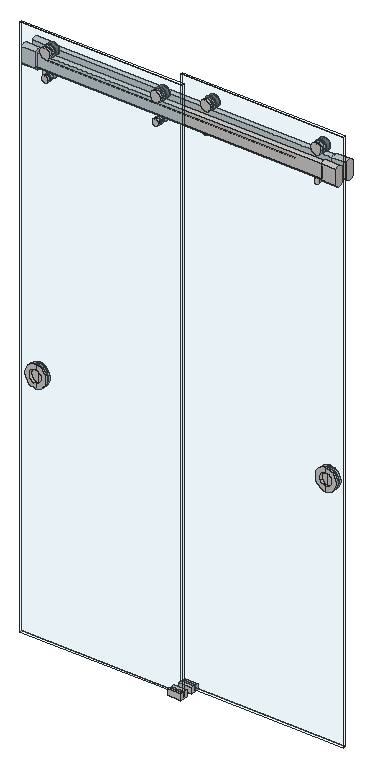
Revit family "1Doors_Sliding_Krownlab_Freya_Alcove_Bypass", category Specialty Equipment, Revit 2021
Family settings
  Round Connector Dimension = Use Diameter
  Part Type = Normal
  OmniClass Number = 23.30.10.24.17
  OmniClass Title = Other Special Purpose Doors
  Work Plane-Based = No
  Always vertical = Yes
  Cut with Voids When Loaded = No
  Shared = No
  Room Calculation Point = No
Parameters (values of type "48'' x 84''")
  Width Restrictions = if(Nom Shower Enclosure Width > 142", "Maximum Opening Width is 142 Inches.", if(Nom Shower Enclosure Width < 48", "Minimum Opening Width is 48 Inches.", "Width Accepted."))  # "Width Accepted."
  Weight = 250.00 lbf  # constant formula
  Warning Note Visibility [instance] = yes
  Version = 1
  URL = "https://krownlab.com/"
  Type Comments = ""
  Track Head Clearance = Panel Height - Nom Roller Distance from Top of Panel - 3 3/4" + 3/8"  # 77 49/128"
  Thcknss_Cntrl = if(Panel Thickness < 3/8", 3/8", if(Panel Thickness > 1/2", 1/2", Panel Thickness))  # 3/8"
  Technical descriptions = "https://krownlab.com/products/hardware-systems/freya/#freya-alcove.60."
  Sliding Door System Finish Note [instance] = "Available in : Brushed Stainless and Black Stainless. Contact Krownlab for other finishes."  # constant formula
  Shower Enclosure Width = 48"
  Show Installation Clearance [instance] = no
  Roller Distance from Top of Panel = 2 111/128"
  Roller Distance Note = if(Roller Distance from Top of Panel < 2 111/128", "Minimum 3 Inch distance between top of system and center of roller is required", "Top to Roller Center Accepted")  # "Top to Roller Center Accepted"
  Product data url = "https://bimobject.com/krownlab/product/krownlab_freya"
  Product Page URL = "https://krownlab.com/products/hardware-systems/freya/#freya-alcove.60."
  Product Documentation Link = "https://krownlab.com/media/uploads/products/downloads/freya-alcove-bypass-modern-glass-shower-door-hardware-cut-sheet.pdf"
  Nom Roller Distance from Top of Panel = if(Roller Distance from Top of Panel < 2 111/128", 2 111/128", if(Nom Shower Enclosure Height - 36" - 3" / 8 - 5 3/4" < Roller Distance from Top of Panel + 57" / 8, Nom Shower Enclosure Height - 36" - 3" / 8 - 5 3/4" - 57" / 8, Roller Distance from Top of Panel))  # 2 111/128"
  Sliding Door System Finish [instance] = Metal - Krownlab - Brushed Stainless
  Product Guid = ""
  Panel Weight Warning [instance] = and(Warning Note Visibility, or(Shower Enclosure Width > 142", Shower Enclosure Width < 48"))  # no
  Panel Thickness = 3/8"
  Panel Size Availability = if(Weight > 2 * Maximum Panel Weight, "Panel size is overweight.", if(Shower Enclosure Width > 142", "Maximum Width of 142 Inches", if(Shower Enclosure Width < 48", "Minimum Width of 48 Inches", "Available")))  # "Available"
  Outside Moving Panels [instance] = not(Inside Moving Panels)  # yes
  Opnng_Dstnc_Rt [instance] = if([Front Panel Position (% right)] < 0, 0", if([Front Panel Position (% right)] > 100, 0", if(and(or(Door Pull Option = Inger Door Pull, Door Pull Option = Kor Door Pull), or((Nom Shower Enclosure Width - Panel Width - 1/4") * 0.01 * [Front Panel Position (% right)] > Opnng_Dstnc_Lt - 1171" / 256, (Nom Shower Enclosure Width - Panel Width - 1/4") * 0.01 * [Front Panel Position (% right)] = Opnng_Dstnc_Lt - 1171" / 256)), Opnng_Dstnc_Lt - 5", (Nom Shower Enclosure Width - Panel Width - 1/4") * (0.01 * [Front Panel Position (% right)]))))  # 0"
  Opnng_Dstnc_Lt [instance] = if([Rear Panel Position (% right)] < 0, 0", if(and(or(Door Pull Option = Inger Door Pull, Door Pull Option = Kor Door Pull), (Nom Shower Enclosure Width - Panel Width - 1/4") * (0.01 * [Rear Panel Position (% right)]) < 5"), 5", if([Rear Panel Position (% right)] > 100, 0", (Nom Shower Enclosure Width - Panel Width - 1/4") * (0.01 * [Rear Panel Position (% right)]))))  # 22 7/8"
  Rear Panel Position (% right) [instance] = 100
  Nom Shower Enclosure Width = if(Shower Enclosure Width > 142", 142", if(Shower Enclosure Width < 48", 48", Shower Enclosure Width))  # 48"
  Nom Shower Enclosure Height = if(Fixed Panel Height < 36" + 3" / 8 + 10" + 6", 36" + 3" / 8 + 10" + 6", Fixed Panel Height)  # 84"
  Model = "Freya Bypassing Sliding Door Shower System"  # constant formula
  Maximum Panel Weight = 125.00 lbf  # constant formula
  Manufacturer = "Krownlab"  # constant formula
  Kor Door Pull = Door Pull : Kor
  Installation instructions = "https://krownlab.com/downloads/"
  Inside Moving Panels [instance] = no
  Inger Door Pull = Door Pull : Inger
  Glazing Material [instance] = Glass - Krownlab - Clear Glass
  Fixed Panel Height = 84"
  Nom Edge to Door Pull Center [instance] = if(Edge to Door Pull Center < 13" / 8, 13" / 8, if(Edge to Door Pull Center > 2 1/2", 2 1/2", Edge to Door Pull Center))  # 2 1/2"
  Panel Width = (Nom Shower Enclosure Width / 2) + (Nom Center Overlap / 2) - 1/8"  # 24 7/8"
  Front Panel Position (% right) [instance] = 0
  Panel Height = Nom Shower Enclosure Height - 3/8"  # 83 5/8"
  Edge to Door Pull Center [instance] = 3"
  Ebba [instance] = and(not(Door Pull Option = Inger Door Pull), not(Door Pull Option = Kor Door Pull))  # yes
  Door Pull Option [instance] = Door Pull : Ebba
  Door Pull Finish Note [instance] = "Available in : Brushed Stainless and Black Stainless. Contact Krownlab for other finishes."  # constant formula
  Door Pull Finish [instance] = Metal - Krownlab - Brushed Stainless
  Description = "The Freya sliding door shower system offers tremendous design flexibility to fit most shower plans. Configure for shower enclosures up to 142 in wide and clear openings up to 40 in wide. Choose glass up to 1/2 in thick for a solid, premium feel, or elect the more traditional 3/8 in thickness. Compatible with both tile and shower pans, Freya is available for alcove and corner configurations."  # constant formula
  Default Elevation = 0"
  Date Updated = ""
  Date Created = "2024/04/26"
  Contact Krownlab = "support@krownlab.com"
  Center Overlap Note = if(Center Overlap < 2", "Minimum 2 Inch Center Overlap is Required", if(Center Overlap > 3 1/2", "Maximum Center Overlap is 3 1/2 Inches.", "Overlap Accepted"))  # "Overlap Accepted"
  Nom Center Overlap = if(Center Overlap < 2", 2", if(Center Overlap > 3 1/2", 3 1/2", Center Overlap))  # 2"
  Nom Bottom Edge to Door Pull Center [instance] = if(Nom Shower Enclosure Height - Nom Roller Distance from Top of Panel - 21" / 8 < Bottom Edge to Door Pull Center + 18", Nom Shower Enclosure Height - Nom Roller Distance from Top of Panel - 21" / 8 - 5" - 18", if(Bottom Edge to Door Pull Center < 3" / 8 + 5" + 18", 3" / 8 + 5" + 18", Bottom Edge to Door Pull Center))  # 36"
  Center Overlap = 2"
  Bottom Edge to Door Pull Center [instance] = 36"
  Assembly Code = "C1020"
  As build = "https://krownlab.com/products/hardware-systems/freya/#freya-alcove.60."
Types (4): name | Shower Enclosure Width | Outside Moving Panels | Opnng_Dstnc_Lt | Nom Shower Enclosure Width | Inside Moving Panels | Panel Width
  (no name) | 48" | yes | 22 7/8" | 48" | no | 24 7/8"
  71'' x 84'' | 71" | no | 34 3/8" | 71" | yes | 36 3/8"
  94'' x 84'' | 94" | no | 45 7/8" | 94" | yes | 47 7/8"
  48'' x 84'' | 48" | yes | 22 7/8" | 48" | no | 24 7/8"
Reference planes (in)
  plane 1 "Center (Front/Back)": y = 0.6875
  plane 2: z = 0
  plane 3 "Center (Left/Right)": x = 0
  plane 4: z = 0.375
  plane 5 "Left": x = -23.875
  plane 6 "Right": x = 23.875
  plane 7: z = 79.20914
  plane 8: z = 84
  plane 9 "L": x = -24
  plane 10 "R": x = 24
  plane 11: x = -21.781
  plane 12: x = 21.781
  plane 13: y = 0.6875
  plane 14: z = 77.23363
  plane 15: z = 78.06724
  plane 16 "Arr0w": x = 1.75
  plane 17 "Arroww": z = 42
  plane 18: z = 81.13281
  plane 19: y = 2.75
  plane 20: x = -1
  plane 21: x = -1.75
  plane 22: x = -23.875
  plane 23: z = 36.375
  plane 24: x = -21.375
  plane 25: x = 21.375
  plane 26: x = 23.875
  plane 27: y = 0.3125
Forms (in)
  Sweep 1, solid, material "Metal - Krownlab - Brushed Stainless" <- "Sliding Door System Finish", detail levels fine
    path origin (0, 0.6875, 0) x (1, 0, 0) y (0, 0, 1)
      loop
        line (-21.781, 79.20914) -> (21.781, 79.20914)
    profile origin (0, 0.6875, 79.20914) x (0, 0, 1) y (0, -1, 0)
      loop
        line (-0.99829, -0.40625) -> (1.01196, -0.40625)
        arc (1.01196, -0.40625) -> (1.21778, 0) -> (1.01196, 0.40625) r 0.50385
        line (1.01196, 0.40625) -> (-0.99829, 0.40625)
        arc (-0.99829, 0.40625) -> (-1.20411, 0) -> (-0.99829, -0.40625) r 0.50385
      loop
        arc (1.01196, -2.46875) -> (1.21774, -2.0625) -> (1.01196, -1.65625) r 0.50391
        line (1.01196, -1.65625) -> (-1.00025, -1.65625)
        arc (-1.00025, -1.65625) -> (-1.20602, -2.0625) -> (-1.00025, -2.46875) r 0.50391
        line (-1.00025, -2.46875) -> (1.01196, -2.46875)
  Extrusion 2, solid, material "Metal - Krownlab - Brushed Stainless" <- "Sliding Door System Finish", detail levels fine
    sketch origin (0, 0, 0) x (0, 1, 0) y (0, 0, 1)
      loop
        arc (1.24, 80.34308) -> (0.6875, 80.61171) -> (0.135, 80.34308) r 0.7025
        line (0.135, 80.34308) -> (0.135, 78.05829)
        arc (0.135, 78.05829) -> (0.6875, 77.78967) -> (1.24, 78.05829) r 0.7025
        line (1.24, 78.05829) -> (1.24, 80.34308)
      loop
        arc (2.1975, 78.05829) -> (2.75, 77.79005) -> (3.3025, 78.05829) r 0.70313
        line (3.3025, 78.05829) -> (3.3025, 80.30829)
        arc (3.3025, 80.30829) -> (2.75, 80.57653) -> (2.1975, 80.30829) r 0.70313
        line (2.1975, 80.30829) -> (2.1975, 78.05829)
    from -24 to -21.781
  Extrusion 3, solid, material "Metal - Krownlab - Brushed Stainless" <- "Sliding Door System Finish", detail levels fine
    sketch origin (0, 0, 3.5) x (0, 1, 0) y (0, 0, 1)
      loop
        arc (1.24, 76.84308) -> (0.6875, 77.11171) -> (0.135, 76.84308) r 0.7025
        line (0.135, 76.84308) -> (0.135, 74.55829)
        arc (0.135, 74.55829) -> (0.6875, 74.28967) -> (1.24, 74.55829) r 0.7025
        line (1.24, 74.55829) -> (1.24, 76.84308)
      loop
        arc (3.3025, 76.80829) -> (2.75, 77.07653) -> (2.1975, 76.80829) r 0.70313
        line (2.1975, 76.80829) -> (2.1975, 74.55829)
        arc (2.1975, 74.55829) -> (2.75, 74.29005) -> (3.3025, 74.55829) r 0.70313
        line (3.3025, 74.55829) -> (3.3025, 76.80829)
    from 21.781 to 24
  Sweep 4, solid, material "Metal - Krownlab - Brushed Stainless" <- "Sliding Door System Finish", detail levels coarse
    path origin (0, 0.6875, 0) x (1, 0, 0) y (0, 0, 1)
      loop
        line (-24, 79.23177) -> (24, 79.23177)
    profile origin (0, 0.6875, 79.23177) x (0, 0, 1) y (0, -1, 0)
      loop
        line (1.08854, 0.5525) -> (-1.11335, 0.5525) -> (-1.11335, -0.5525) -> (1.08854, -0.5525) -> (1.08854, 0.5525)
      loop
        line (1.08854, -1.51) -> (-1.11335, -1.51) -> (-1.11335, -2.615) -> (1.08854, -2.615) -> (1.08854, -1.51)
  Extrusion 5, solid, material "Metal - Krownlab - Brushed Stainless" <- "Sliding Door System Finish", detail levels fine
    sketch origin (0, 0, 0) x (1, 0, 0) y (0, 1, 0)
      loop
        circle (-20.72811, 0.6875) r 0.35337
      loop
        circle (-20.72811, 2.75) r 0.35337
    from 77.23363 to 78.06724
  Extrusion 6, solid, material "Metal - Krownlab - Brushed Stainless" <- "Sliding Door System Finish", detail levels fine
    sketch origin (0, 0, 0) x (-1, 0, 0) y (0, -1, 0)
      loop
        circle (-20.72811, -0.6875) r 0.35337
      loop
        circle (-20.72811, -2.75) r 0.35337
    from 77.23363 to 78.06724
  Extrusion 7, solid, material "Clearance Warning - Generic - Warning Red", visible <- "Show Installation Clearance"
    sketch origin (-57.30548, 28.32359, 0) x (1, 0, 0) y (0, 0, 1)
      loop
        line (81.30548, 84.0003) -> (33.30548, 84.0003) -> (33.30548, 0) -> (81.30548, 0) -> (81.30548, 84.0003)
    from 20.97467 to 31.60063
  Sweep 8, solid, material "Metal - Krownlab - Brushed Stainless" <- "Sliding Door System Finish", detail levels medium
    path origin (0, 0.6875, 0) x (1, 0, 0) y (0, 0, 1)
      loop
        line (24, 79.20914) -> (-24, 79.20914)
    profile origin (0, 0.6875, 79.20914) x (0, 0, -1) y (0, -1, 0)
      loop
        line (-1.01196, -2.46875) -> (1.00025, -2.46875)
        arc (1.00025, -2.46875) -> (1.20602, -2.0625) -> (1.00025, -1.65625) r 0.50391
        line (1.00025, -1.65625) -> (-1.01196, -1.65625)
        arc (-1.01196, -1.65625) -> (-1.21774, -2.0625) -> (-1.01196, -2.46875) r 0.50391
      loop
        line (-1.01196, -0.40625) -> (0.99829, -0.40625)
        arc (0.99829, -0.40625) -> (1.20411, 0) -> (0.99829, 0.40625) r 0.50385
        line (0.99829, 0.40625) -> (-1.01196, 0.40625)
        arc (-1.01196, 0.40625) -> (-1.21778, 0) -> (-1.01196, -0.40625) r 0.50385
Cuts and joins
  joined: Sweep 1, Extrusion 5, Extrusion 6
Lines and regions (in)
  symbolic lines, style "SpecialityEquipmentHiddenLines"
    curve 1: line (24, 1.24, 0) -> (-24, 1.24, 0)
    curve 2: line (-24, 0.135, 0) -> (24, 0.135, 0)
    curve 3: line (-24, 0.135, 0) -> (-24, 1.24, 0)
    curve 4: line (24, 0.135, 0) -> (24, 1.24, 0)
    curve 5: line (24, 2.1975, 0) -> (24, 3.3025, 0)
    curve 6: line (-24, 2.1975, 0) -> (24, 2.1975, 0)
    curve 7: line (24, 3.3025, 0) -> (-24, 3.3025, 0)
    curve 8: line (-24, 2.1975, 0) -> (-24, 3.3025, 0)
  symbolic lines, style "Clearance", visible <- "Show Installation Clearance"
    curve 9: line (-24, 7.34892, 0) -> (-24, -3.27703, 0)
    curve 10: line (-24, -3.27703, 0) -> (24, -3.27703, 0)
    curve 11: line (24, -3.27703, 0) -> (24, 7.34892, 0)
    curve 12: line (24, 7.34892, 0) -> (-24, 7.34892, 0)
Dimensions and locks (in)
  plane 4 to plane 2 = 3/8"
  "Nom Shower Enclosure Height": plane 8 to plane 2
  equal spacing: plane 6 "Right", plane 3 "Center (Left/Right)", plane 5 "Left"
  "Nom Shower Enclosure Width": plane 10 "R" to plane 9 "L"
  plane 11 to plane 5 "Left" to plane 9 "L" = 2.094" locked, 1/8" locked
  plane 10 "R" to plane 6 "Right" to plane 12 = 1/8" locked, 2.094" locked
  plane 13 to plane 1 "Center (Front/Back)" = 0"
  Sweep 4 sketch curve to plane 13 to Sweep 4 sketch curve = 0.5525" locked, 0.5525" locked
  Sweep 4 sketch curve to plane 7 to Sweep 4 sketch curve = 1.09072" locked, 1.11117" locked  (x2)
  Extrusion 2 sketch curve to plane 13 to Extrusion 2 sketch curve = 0.5525" locked, 0.5525" locked
  Extrusion 3 sketch curve to plane 13 to Extrusion 3 sketch curve = 0.5525" locked, 0.5525" locked
  Sweep 1 sketch curve to plane 13 to Sweep 1 sketch curve = 13/32" locked, 13/32" locked
  plane 7 to plane 15 to plane 14 = 1.1419" locked, 0.83362" locked
  locked: plane 1 "Center (Front/Back)" to Extrusion 6 sketch curve
  locked: plane 5 "Left" to Extrusion 5 sketch curve at 3.14689
  locked: plane 1 "Center (Front/Back)" to Extrusion 5 sketch curve
  locked: Extrusion 6 sketch curve to plane 6 "Right" at 3.14689
  equal spacing: plane 8, plane 17 "Arroww", plane 2
  locked: plane 18 to plane 7 at 1.92367
  "Nom Roller Distance from Top of Panel": plane 8 to plane 18
  Extrusion 2 sketch curve to Extrusion 2 sketch curve to Extrusion 2 sketch curve to plane 7 to Extrusion 2 sketch curve to Extrusion 2 sketch curve to Extrusion 2 sketch curve = 0.26824" locked, 0" locked, 1.15085" locked, 1.09915" locked, 0" locked, 0.26824" locked
  plane 19 to plane 13 = 2 1/16"
  Sweep 1 sketch curve to plane 19 to Sweep 1 sketch curve = 13/32" locked, 13/32" locked
  Sweep 1 sketch curve to Sweep 1 sketch curve to Sweep 1 sketch curve to plane 7 to Sweep 1 sketch curve to Sweep 1 sketch curve to Sweep 1 sketch curve = 0.20577" locked, 0" locked, 1.00025" locked, 1.01196" locked, 0" locked, 0.20577" locked
  "Opnng_Dstnc_Lt": plane 20 to plane 5 "Left"
  Sweep 4 sketch curve to plane 19 to Sweep 4 sketch curve = 0.5525" locked, 0.5525" locked
  Extrusion 3 sketch curve to plane 19 to Extrusion 3 sketch curve = 0.5525" locked, 0.5525" locked
  Extrusion 3 sketch curve to Extrusion 3 sketch curve to Extrusion 3 sketch curve to plane 7 to Extrusion 3 sketch curve to Extrusion 3 sketch curve to Extrusion 3 sketch curve = 0.26824" locked, 0" locked, 1.15085" locked, 1.09915" locked, 0" locked, 0.26824" locked
  Extrusion 2 sketch curve to plane 19 to Extrusion 2 sketch curve = 0.5525" locked, 0.5525" locked
  equal spacing: plane 21, plane 3 "Center (Left/Right)", plane 16 "Arr0w"
  locked: plane 21 to plane 16 "Arr0w" at 3.5
  locked: plane 1 "Center (Front/Back)" to Extrusion 5 sketch curve at 2.0625
  locked: plane 9 "L" to Extrusion 5 sketch curve at 3.27189
  locked: plane 1 "Center (Front/Back)" to Extrusion 6 sketch curve at 2.0625
  Extrusion 6 sketch curve to plane 10 "R" = 3.27189"
  locked: Extrusion 6 sketch curve to plane 10 "R" at 3.27189
  locked: plane 17 "Arroww" to nested 10 at 3
  equal spacing: nested 3, plane 3 "Center (Left/Right)", nested 10
  locked: nested 3 to nested 10 at 3.5
  "Opnng_Dstnc_Rt": plane 22 to plane 5 "Left"
  "Nom Edge to Door Pull Center": plane 26 to plane 25
  "Nom Edge to Door Pull Center": plane 24 to plane 22
  "Panel Width": plane 26 to plane 20
  "Nom Bottom Edge to Door Pull Center": plane 23 to plane 4
  locked: plane 27 to Extrusion 7 at 3.58953
  "Thcknss_Cntrl": plane 13 to plane 27
  locked: Extrusion 7 to plane 13 at 6.66142
  locked: Extrusion 7 to plane 8 at 0.0003
  aligned and locked: plane 2 to level
  aligned and locked: plane 4 to nested 1
  aligned and locked: plane 7 to Sweep 1 sketch curve
  aligned and locked: Extrusion 2 to plane 9 "L"
  aligned and locked: plane 11 to Extrusion 2
  aligned and locked: plane 11 to Sweep 1 sketch curve
  aligned and locked: plane 12 to Sweep 1 sketch curve
  aligned and locked: Extrusion 3 to plane 10 "R"
  aligned and locked: Extrusion 3 to plane 12
  aligned and locked: plane 9 "L" to Sweep 4 sketch curve
  aligned and locked: plane 10 "R" to Sweep 4 sketch curve
  aligned and locked: plane 14 to Extrusion 5
  aligned and locked: Extrusion 5 to plane 15
  aligned and locked: plane 14 to Extrusion 6
  aligned and locked: Extrusion 6 to plane 15
  aligned and locked: plane 16 "Arr0w" to nested 2
  aligned and locked: plane 16 "Arr0w" to nested 3
  aligned and locked: plane 17 "Arroww" to nested 3
  aligned and locked: nested 1 to plane 13
  aligned and locked: nested 4 to nested 1
  aligned and locked: level to nested 4
  aligned and locked: plane 3 "Center (Left/Right)" to nested 4
  aligned and locked: nested 5 to plane 19
  aligned and locked: nested 5 to plane 4
  aligned and locked: level to nested 6
  aligned and locked: nested 6 to nested 5
  aligned and locked: nested 6 to level
  aligned and locked: plane 3 "Center (Left/Right)" to nested 6
  aligned and locked: nested 5 to plane 20
  aligned and locked: level to nested 7
  aligned and locked: level to nested 8
  aligned and locked: nested 8 to level  (x2)
  aligned and locked: nested 7 to level
  aligned and locked: nested 5 to nested 8
  aligned and locked: nested 7 to nested 1  (x2)
  aligned and locked: plane 3 "Center (Left/Right)" to nested 7
  aligned and locked: plane 3 "Center (Left/Right)" to nested 8
  aligned and locked: nested 9 to plane 21
  aligned and locked: curve 1 to Sweep 4
  aligned and locked: curve 2 to Sweep 4
  aligned and locked: curve 3 to Extrusion 2
  aligned and locked: curve 4 to Extrusion 3
  aligned and locked: Extrusion 3 to curve 5
  aligned and locked: curve 6 to Sweep 4
  aligned and locked: curve 7 to Sweep 4
  aligned and locked: curve 8 to Extrusion 2
  aligned and locked: nested 1 to plane 22
  aligned and locked: plane 3 "Center (Left/Right)" to nested 15
  aligned and locked: nested 14 to plane 25
  aligned and locked: nested 11 to plane 25
  aligned and locked: nested 13 to plane 24
  aligned and locked: nested 12 to plane 24
  aligned and locked: plane 23 to nested 14
  aligned and locked: plane 23 to nested 11
  aligned and locked: plane 23 to nested 13
  aligned and locked: plane 23 to nested 12
  aligned and locked: nested 8 to nested 5
  aligned and locked: Extrusion 7 to curve 9
  aligned and locked: curve 10 to Extrusion 7
  aligned and locked: curve 11 to Extrusion 7
  aligned and locked: curve 12 to Extrusion 7
  aligned and locked: Extrusion 7 to plane 9 "L"
  aligned and locked: curve 9 to plane 9 "L"
  aligned and locked: Extrusion 7 to plane 10 "R"
  aligned and locked: curve 11 to plane 10 "R"
  aligned and locked: Extrusion 7 to level
  aligned and locked: Sweep 8 sketch curve to plane 7
  aligned and locked: plane 10 "R" to Sweep 8 sketch curve
  aligned and locked: plane 9 "L" to Sweep 8 sketch curve
  aligned and locked: Sweep 8 sketch curve to cut or joined group of Sweep 1, Extrusion 5, Extrusion 6  (x8)
Automatic sketch dimensions
  Sweep 4 sketch curve to plane 7 = 0.02263"
  profile plane to Sweep 1 sketch curve = 0.99829"
  Sweep 1 sketch curve to Sweep 1 sketch curve = 0.29803"  (x2)
  Sweep 1 sketch curve to profile plane = 0.71393"
  Sweep 1 sketch curve to plane 1 "Center (Front/Back)" = 0"  (x2)
  Extrusion 2 sketch curve to plane 1 "Center (Front/Back)" = 0"  (x2)
  plane 15 to Extrusion 2 sketch curve = 0.00895"
  Extrusion 2 sketch curve to plane 15 = 0.42492"
  Extrusion 2 sketch curve to plane 7 = 0.70007"
  Extrusion 2 sketch curve to Extrusion 2 sketch curve = 0.43388"
  Extrusion 3 sketch curve to plane 1 "Center (Front/Back)" = 0"  (x2)
  plane 15 to Extrusion 3 sketch curve = 0.00895"
  Extrusion 3 sketch curve to plane 15 = 0.42492"
  Extrusion 3 sketch curve to plane 7 = 0.70007"
  Extrusion 3 sketch curve to Extrusion 3 sketch curve = 0.43388"
  curve 2 to plane 9 "L" = 0"
  curve 2 to plane 10 "R" = 0"
  curve 6 to plane 9 "L" = 0"
  curve 7 to plane 10 "R" = 0"
  plane 19 to curve 9 = 6.02703"
  curve 10 to curve 11 = 10.62596"
  Extrusion 7 sketch curve to level = 0"
  Extrusion 7 sketch curve to plane 11 = 2.219"
  Extrusion 7 sketch curve to plane 8 = 0.0003"
  plane 22 to Extrusion 7 sketch curve = 47 7/8"
  radius of Extrusion 5 sketch curve = 0.35337"  (x2)
  radius of Extrusion 6 sketch curve = 0.35337"  (x2)
Nested families (in)
  nested 1: "Krownlab Freya Moving Panel" at (-11.4375, 1.41115, 0.375), Panel Width <- "Panel Width", Panel Thickness <- "Thcknss_Cntrl", Guide Hardware <- "Sliding Door System Finish", Handpull <- "Door Pull Finish", Mount System Finish <- "Sliding Door System Finish", Panel Material <- "Glazing Material", Door Pull from Edge <- "Nom Edge to Door Pull Center", Door Pull from Bottom <- "Nom Bottom Edge to Door Pull Center", Inside Moving Panel <- "Inside Moving Panels", Door Pull Finish <- "Door Pull Finish", Ebba <- "Ebba", Double Sided <- "Ebba", type "Freya Panel"
    with Trolley Distance from Edge 4", Panel Width 24 7/8", Panel Thickness 3/8", Panel Material Glass - Krownlab - Clear Glass, Outside Moving Panel yes, Mount System Finish Metal - Krownlab - Brushed Stainless, Inside Moving Panel no, Handpull Metal - Krownlab - Brushed Stainless, Guide Hardware Metal - Krownlab - Brushed Stainless, Ebba Outside yes, Ebba Inside no, Ebba Double Sided Outside yes, Ebba Double Sided Inside no, Ebba yes, Double Sided yes, Door Pull from Edge 2 1/2", Door Pull from Bottom 36", Door Pull Finish Metal - Krownlab - Brushed Stainless
  nested 2: "Opening Direction Detail" at (1.75, -5.66667, 0) x (-1, 0, 0) z (0, 0, 1), type "Opening Direction Detail"
  nested 3: "Opening Direction Detail" at (1.75, 0.6875, 42) x (-1, 0, 0) z (0, -1, 0), type "Opening Direction Detail"
  nested 4: "Krownlab Bottom Guides" at (-1.00044, 1.7062, 0), Guide Hardware <- "Sliding Door System Finish", visible <- "Inside Moving Panels", Thickness <- "Thcknss_Cntrl", type "Freya Panel"
    with built-in parameter 1001302 3/8", Guide Hardware Metal - Krownlab - Brushed Stainless
  nested 5: "Krownlab Freya Moving Panel" at (11.4375, 3.47365, 0.375) x (-1, 0, 0) z (0, 0, 1), Panel Width <- "Panel Width", Panel Thickness <- "Thcknss_Cntrl", Guide Hardware <- "Sliding Door System Finish", Handpull <- "Door Pull Finish", Mount System Finish <- "Sliding Door System Finish", Panel Material <- "Glazing Material", Door Pull from Edge <- "Nom Edge to Door Pull Center", Door Pull from Bottom <- "Nom Bottom Edge to Door Pull Center", Inside Moving Panel <- "Inside Moving Panels", Door Pull Finish <- "Door Pull Finish", Ebba <- "Ebba", Double Sided <- "Ebba", type "Freya Panel"
    with Trolley Distance from Edge 4", Panel Width 24 7/8", Panel Thickness 3/8", Panel Material Glass - Krownlab - Clear Glass, Outside Moving Panel yes, Mount System Finish Metal - Krownlab - Brushed Stainless, Inside Moving Panel no, Handpull Metal - Krownlab - Brushed Stainless, Guide Hardware Metal - Krownlab - Brushed Stainless, Ebba Outside yes, Ebba Inside no, Ebba Double Sided Outside yes, Ebba Double Sided Inside no, Ebba yes, Double Sided yes, Door Pull from Edge 2 1/2", Door Pull from Bottom 36", Door Pull Finish Metal - Krownlab - Brushed Stainless
  nested 6: "Krownlab Bottom Guides" at (-1.00044, 3.7687, 0), Guide Hardware <- "Sliding Door System Finish", visible <- "Inside Moving Panels", Thickness <- "Thcknss_Cntrl", type "Freya Panel"
    with built-in parameter 1001302 3/8", Guide Hardware Metal - Krownlab - Brushed Stainless
  nested 7: "Krownlab Bottom Guides" at (-1.00044, 0.0438, 0), Guide Hardware <- "Sliding Door System Finish", visible <- "Outside Moving Panels", Thickness <- "Thcknss_Cntrl", type "Freya Panel"
    with built-in parameter 1001302 3/8", Guide Hardware Metal - Krownlab - Brushed Stainless
  nested 8: "Krownlab Bottom Guides" at (-1.00044, 2.1063, 0), Guide Hardware <- "Sliding Door System Finish", visible <- "Outside Moving Panels", Thickness <- "Thcknss_Cntrl", type "Freya Panel"
    with built-in parameter 1001302 3/8", Guide Hardware Metal - Krownlab - Brushed Stainless
  nested 9: "Opening Direction Detail" at (-1.75, -3.16667, 0), type "Opening Direction Detail"
  nested 10: "Opening Direction Detail" at (-1.75, 0.6875, 39) x (1, 0, 0) z (0, -1, 0), type "Opening Direction Detail"
  nested 11: "Door Pull" at (21.375, 3.3937, 36.375) x (-1, 0, 0) z (0, -1, 0), visible <- "Inside Moving Panels", type <- "Door Pull Option", Panel Thickness <- "Thcknss_Cntrl", Material <- "Door Pull Finish", type "Ebba"
    with Single Sided no, Panel Thickness 3/8", Material Metal - Krownlab - Brushed Stainless, Kor Double no, Inger Void 0", Ebba Void 3/8", Double sided yes, Asta Void 0"
  nested 12: "Door Pull" at (-21.375, 1.3312, 36.375) x (-1, 0, 0) z (0, -1, 0), visible <- "Inside Moving Panels", type <- "Door Pull Option", Panel Thickness <- "Thcknss_Cntrl", Material <- "Door Pull Finish", type "Ebba"
    with Single Sided no, Panel Thickness 3/8", Material Metal - Krownlab - Brushed Stainless, Kor Double no, Inger Void 0", Ebba Void 3/8", Double sided yes, Asta Void 0"
  nested 13: "Door Pull" at (-21.375, -0.3312, 36.375) x (-1, 0, 0) z (0, -1, 0), type <- "Door Pull Option", visible <- "Outside Moving Panels", Panel Thickness <- "Thcknss_Cntrl", Material <- "Door Pull Finish", type "Ebba"
    with Single Sided no, Panel Thickness 3/8", Material Metal - Krownlab - Brushed Stainless, Kor Double no, Inger Void 0", Ebba Void 3/8", Double sided yes, Asta Void 0"
  nested 14: "Door Pull" at (21.375, 1.7313, 36.375) x (-1, 0, 0) z (0, -1, 0), type <- "Door Pull Option", visible <- "Outside Moving Panels", Panel Thickness <- "Thcknss_Cntrl", Material <- "Door Pull Finish", type "Ebba"
    with Single Sided no, Panel Thickness 3/8", Material Metal - Krownlab - Brushed Stainless, Kor Double no, Inger Void 0", Ebba Void 3/8", Double sided yes, Asta Void 0"
  nested 15: "Krownlab Warning 3" at (0, 13.47782, 0), visible <- "Panel Weight Warning", type "Krownlab Warning 3"
Definition of nested family "Krownlab Freya Moving Panel"
  Parameters (values of type "Freya Panel")
    Trolley Distance from Edge [instance] = 4"
    Top to Roller Center = 2 111/128"
    Panel Width [instance] = 35"
    Panel Thickness [instance] = 3"
    Panel Material [instance] = none
    Panel Height = 83 5/8"
    Outside Moving Panel [instance] = not(Inside Moving Panel)  # no
    Mount System Finish [instance] = none
    Inside Moving Panel [instance] = yes
    Handpull [instance] = none
    Guide Hardware [instance] = none
    Ebba Inside [instance] = and(Ebba, Inside Moving Panel)  # yes
    Ebba Double Sided Outside [instance] = and(Ebba Outside, Double Sided)  # no
    Ebba Outside [instance] = and(Ebba, Outside Moving Panel)  # no
    Ebba Double Sided Inside [instance] = and(Ebba Inside, Double Sided)  # yes
    Ebba [instance] = yes
    Double Sided [instance] = yes
    Door Pull from Edge [instance] = 2 1/2"
    Door Pull from Bottom [instance] = 42"
    Door Pull Finish [instance] = none
    Default Elevation = 0"
  Reference planes (in)
    plane 1 "Center (Front/Back)": y = -0.07995
    plane 2: z = 0
    plane 3 "Center (Left/Right)": x = 0
    plane 4: z = 83.625
    plane 5: x = 17.5
    plane 6: x = -17.5
    plane 7: y = -0.07995
    plane 8: y = 2.92005
    plane 9: z = 0
    plane 10: x = -13.5
    plane 11: x = 13.5
    plane 12 "Track centerline": z = 78.16772
    plane 13: z = 80.75781
    plane 14: z = 77.25781
    plane 15 "Handle Distance": x = -15
    plane 16 "Handle Height": z = 42
    plane 17: z = 82.2469
    plane 18: y = -4.36735
    plane 19: y = -0.72365
    plane 20: y = -1.36735
  Forms (in)
    Extrusion 1, solid, material <- "Panel Material", visible <- "Inside Moving Panel"
      sketch origin (0, -0.07995, 0) x (1, 0, 0) y (0, 1, 0)
        loop
          line (-17.5, 0) -> (17.5, 0) -> (17.5, 3) -> (-17.5, 3) -> (-17.5, 0)
      from 0 to 83.625
    Extrusion 2, solid, material <- "Panel Material", visible <- "Outside Moving Panel"
      sketch origin (0, 0.07031, 0) x (1, 0, 0) y (0, 1, 0)
        loop
          line (-17.5, -4.43766) -> (17.5, -4.43766) -> (17.5, -1.43766) -> (-17.5, -1.43766) -> (-17.5, -4.43766)
      from 0 to 83.625
    Revolve 3, solid, material <- "Door Pull Finish", visible <- "Ebba Outside"
      sketch origin (-15, -180.31266, 49.55993) x (0, 0, 1) y (0, -1, 0)
        loop
          line (-9.18493, -175.94531) -> (-8.62243, -175.94531) -> (-8.62243, -176.13281) -> (-7.55993, -176.13281) -> (-7.55993, -176.10156) -> (-8.49743, -176.10156) -> (-8.49743, -175.75781) -> (-9.18493, -175.75781) -> (-9.18493, -175.94531)
        axis (-7.55993, -175.75781) -> (-7.55993, -176.13281)
      angle from 0 to 360
    Revolve 4, void
      sketch origin (-15, -192.3125, 49.55993) x (0, 0, 1) y (0, -1, 0)
        loop
          line (-8.62243, -188.13265) -> (-7.55993, -188.13265) -> (-7.55993, -187.75765) -> (-8.62243, -187.75765) -> (-8.62243, -188.13265)
        loop
          line (-7.55993, -195.42005) -> (-7.55993, -195.04505) -> (-8.62243, -195.04505) -> (-8.62243, -195.42005) -> (-7.55993, -195.42005)
        axis (-7.55993, -195.42005) -> (-7.55993, -187.75765)
      angle from 0 to 360
    Revolve 5, void
      sketch origin (-15, -180, 49.55993) x (0, 0, 1) y (0, -1, 0)
        loop
          line (-8.62243, -178.44515) -> (-8.62243, -178.82015) -> (-7.55993, -178.82015) -> (-7.55993, -178.44515) -> (-8.62243, -178.44515)
        loop
          line (-8.62243, -180.10755) -> (-7.55993, -180.10755) -> (-7.55993, -179.73255) -> (-8.62243, -179.73255) -> (-8.62243, -180.10755)
        axis (-7.55993, -180.10755) -> (-7.55993, -178.44515)
      angle from 0 to 360
    Revolve 6, solid, material <- "Door Pull Finish", visible <- "Ebba Double Sided Outside"
      sketch origin (-15, -167.81266, 49.55993) x (0, 0, 1) y (0, -1, 0)
        loop
          line (-9.18493, -166.44531) -> (-9.18493, -166.63281) -> (-8.49743, -166.63281) -> (-8.49743, -166.28906) -> (-7.55993, -166.28906) -> (-7.55993, -166.25781) -> (-8.62243, -166.25781) -> (-8.62243, -166.44531) -> (-9.18493, -166.44531)
        axis (-7.55993, -166.25781) -> (-7.55993, -166.63281)
      angle from 0 to 360
    Revolve 7, solid, material <- "Door Pull Finish", visible <- "Ebba Inside"
      sketch origin (-15, -180, 49.55993) x (0, 0, 1) y (0, -1, 0)
        loop
          line (-9.18493, -182.92005) -> (-9.18493, -183.10755) -> (-8.49743, -183.10755) -> (-8.49743, -182.7638) -> (-7.55993, -182.7638) -> (-7.55993, -182.73255) -> (-8.62243, -182.73255) -> (-8.62243, -182.92005) -> (-9.18493, -182.92005)
        axis (-7.55993, -182.73255) -> (-7.55993, -183.10755)
      angle from 0 to 360
    Revolve 8, solid, material <- "Door Pull Finish", visible <- "Ebba Double Sided Inside"
      sketch origin (-15, -180, 49.55993) x (0, 0, 1) y (0, -1, 0)
        loop
          line (-9.18493, -179.92005) -> (-8.62243, -179.92005) -> (-8.62243, -180.10755) -> (-7.55993, -180.10755) -> (-7.55993, -180.0763) -> (-8.49743, -180.0763) -> (-8.49743, -179.73255) -> (-9.18493, -179.73255) -> (-9.18493, -179.92005)
        axis (-7.55993, -179.73255) -> (-7.55993, -180.10755)
      angle from 0 to 360
  Cuts and joins
    Revolve 4, Revolve 5 cuts Extrusion 1
    Revolve 4, Revolve 5 cuts Extrusion 2
  Lines and regions (in)
    Masking region 1, visible <- "Outside Moving Panel"
      outline origin (0, 0, 0) x (1, 0, 0) y (0, 1, 0)
        loop
          line (-17.5, -4.36735) -> (17.5, -4.36735) -> (17.5, -1.36735) -> (-17.5, -1.36735) -> (-17.5, -4.36735)
    Masking region 2, visible <- "Inside Moving Panel"
      outline origin (0, 0, 0) x (1, 0, 0) y (0, 1, 0)
        loop
          line (-17.5, -0.07995) -> (17.5, -0.07995) -> (17.5, 2.92005) -> (-17.5, 2.92005) -> (-17.5, -0.07995)
  Dimensions and locks (in)
    "Panel Thickness": plane 8 to plane 7
    "Panel Width": plane 6 to plane 5
    "Trolley Distance from Edge": plane 6 to plane 10
    "Trolley Distance from Edge": plane 5 to plane 11
    plane 13 to plane 12 "Track centerline" to plane 14 = 2.59009" locked, 0.90991" locked
    "Door Pull from Bottom": plane 16 "Handle Height" to plane 9
    "Door Pull from Edge": plane 15 "Handle Distance" to plane 6
    "Panel Height": plane 4 to level
    locked: plane 17 to plane 13 at 1.48909
    equal spacing: plane 6, plane 3 "Center (Left/Right)", plane 5
    "Top to Roller Center": plane 4 to plane 13
    locked: plane 7 to plane 19 at 0.6437
    "Panel Thickness": plane 20 to plane 18
    locked: plane 19 to plane 20 at 0.6437
    Revolve 3 sketch curve to Revolve 3 sketch curve to Revolve 3 sketch curve to plane 18 to Revolve 3 sketch curve = 1/32" locked, 5/32" locked, 0" locked, 3/16" locked
    plane 16 "Handle Height" to Revolve 3 sketch curve to Revolve 3 sketch curve to Revolve 3 sketch curve = 15/16" locked, 1/8" locked, 9/16" locked
    Revolve 6 sketch curve to Revolve 6 sketch curve to Revolve 6 sketch curve to plane 20 to Revolve 6 sketch curve = 1/32" locked, 5/32" locked, 0" locked, 3/16" locked
    plane 16 "Handle Height" to Revolve 6 sketch curve to Revolve 6 sketch curve to Revolve 6 sketch curve = 15/16" locked, 1/8" locked, 9/16" locked
    locked: plane 16 "Handle Height" to Revolve 4 sketch curve at 1.0625
    locked: plane 16 "Handle Height" to Revolve 5 sketch curve at 1.0625
    plane 16 "Handle Height" to Revolve 7 sketch curve to Revolve 7 sketch curve to Revolve 7 sketch curve = 15/16" locked, 1/8" locked, 9/16" locked
    Revolve 7 sketch curve to plane 8 to Revolve 7 sketch curve to Revolve 7 sketch curve to Revolve 7 sketch curve = 3/16" locked, 0" locked, 5/32" locked, 1/32" locked
    Revolve 8 sketch curve to Revolve 8 sketch curve to Revolve 8 sketch curve to plane 7 to Revolve 8 sketch curve = 1/32" locked, 5/32" locked, 0" locked, 3/16" locked
    plane 16 "Handle Height" to Revolve 8 sketch curve to Revolve 8 sketch curve to Revolve 8 sketch curve = 15/16" locked, 1/8" locked, 9/16" locked
    aligned and locked: plane 2 to level
    aligned and locked: Extrusion 1 sketch curve to plane 7
    aligned and locked: Extrusion 1 sketch curve to plane 8
    aligned and locked: Extrusion 1 sketch curve to plane 6
    aligned and locked: Extrusion 1 sketch curve to plane 5
    aligned and locked: plane 4 to Extrusion 1
    aligned and locked: Extrusion 1 to level
    aligned and locked: plane 10 to nested 1
    aligned and locked: plane 11 to nested 2
    aligned and locked: nested 1 to plane 7
    aligned and locked: nested 2 to plane 7
    aligned and locked: plane 12 "Track centerline" to nested 1
    aligned and locked: plane 12 "Track centerline" to nested 2
    aligned and locked: Extrusion 2 sketch curve to plane 6
    aligned and locked: plane 18 to Extrusion 2 sketch curve
    aligned and locked: Extrusion 2 sketch curve to plane 5
    aligned and locked: nested 3 to plane 10
    aligned and locked: plane 12 "Track centerline" to nested 3
    aligned and locked: plane 12 "Track centerline" to nested 4
    aligned and locked: nested 4 to plane 11
    aligned and locked: Extrusion 2 to plane 20
    aligned and locked: plane 4 to Extrusion 2
    aligned and locked: Masking region 1 sketch curve to Extrusion 2  (x4)
    aligned and locked: Masking region 2 sketch curve to Extrusion 1  (x4)
    aligned and locked: Revolve 4 sketch curve to Revolve 3  (x2)
    aligned and locked: plane 16 "Handle Height" to Revolve 3 sketch curve
    aligned and locked: Revolve 3 sketch curve to plane 16 "Handle Height"
    aligned and locked: plane 16 "Handle Height" to Revolve 6 sketch curve  (x2)
    aligned and locked: plane 16 "Handle Height" to Revolve 4 sketch curve  (x2)
    aligned and locked: Revolve 4 sketch curve to plane 16 "Handle Height"
    aligned and locked: Revolve 5 sketch curve to Revolve 6  (x2)
    aligned and locked: Revolve 5 sketch curve to plane 16 "Handle Height"  (x2)
    aligned and locked: plane 16 "Handle Height" to Revolve 7 sketch curve  (x2)
    aligned and locked: plane 16 "Handle Height" to Revolve 8 sketch curve
    aligned and locked: Revolve 8 sketch curve to plane 16 "Handle Height"
    aligned and locked: Revolve 5 sketch curve to Revolve 8
    aligned and locked: Revolve 8 to Revolve 5 sketch curve
    aligned and locked: plane 16 "Handle Height" to Revolve 5 sketch curve
    aligned and locked: Revolve 5 sketch curve to Revolve 5 sketch curve
    aligned and locked: Revolve 4 sketch curve to Revolve 7
    aligned and locked: Revolve 7 to Revolve 4 sketch curve
    aligned and locked: Revolve 4 sketch curve to Revolve 4 sketch curve
    aligned and locked: nested 3 to plane 19
    aligned and locked: plane 19 to nested 1
    aligned and locked: nested 4 to plane 19
    aligned and locked: plane 19 to nested 2
  Automatic sketch dimensions
    plane 1 "Center (Front/Back)" to Extrusion 2 sketch curve = 1.2874"
    plane 8 to Revolve 3 sketch curve = 1.74598"
    plane 18 to Revolve 3 sketch curve = 3/16"
    Revolve 6 sketch curve to Revolve 6 sketch curve = 11/32"
    Revolve 6 sketch curve to plane 18 = 11.31636"
    Revolve 7 sketch curve to plane 20 = 3/16"
    plane 8 to Revolve 7 sketch curve = 8.8787"
    plane 8 to Revolve 8 sketch curve = 1.74598"
    plane 18 to Revolve 8 sketch curve = 3/16"
    plane 8 to Revolve 5 sketch curve = 82.07514"
    plane 18 to Revolve 5 sketch curve = 98.12324"
    Revolve 4 sketch curve to Revolve 4 sketch curve = 8.51028"
    Revolve 4 sketch curve to Revolve 4 sketch curve = 4"
  Nested families (in)
    nested 1: "Freya Hardware" at (-13.5, -0.04058, 78.16772), visible <- "Inside Moving Panel", type "Freya Hardware"
    nested 2: "Freya Hardware" at (13.5, -0.04058, 78.16772), visible <- "Inside Moving Panel", type "Freya Hardware"
    nested 3: "Freya Hardware" at (-13.5, -1.40672, 78.16772) x (-1, 0, 0) z (0, 0, 1), visible <- "Outside Moving Panel", type "Freya Hardware"
    nested 4: "Freya Hardware" at (13.5, -1.40672, 78.16772) x (-1, 0, 0) z (0, 0, 1), visible <- "Outside Moving Panel", type "Freya Hardware"
  Definition of nested family "Freya Hardware"
    Parameters (values of type "Freya Hardware")
      Thickness = 3"
      Mount System Finish = none
      Define Thermal Properties by = 1
      Analytic Construction = "<None>"
    Reference planes (in)
      plane 1 "Center (Front/Back)": y = -0.03937
      plane 2: z = 0
      plane 3 "Center (Left/Right)": x = 0
      plane 4: z = 2.59009
      plane 5: y = 2.96063
      plane 6: z = -0.90991
      plane 7: y = -0.68307
    Forms (in)
      Revolve 1, solid, detail levels fine
        sketch origin (0, 0, 0) x (0, 1, 0) y (0, 0, 1)
          loop
            line (-0.28937, 1.76573) -> (-0.28937, 2.04036) -> (-0.42752, 2.04036) -> (-0.42752, 2.34468) -> (-0.28937, 2.34468) -> (-0.28937, 2.52759) -> (-1.07677, 2.52759) -> (-1.07677, 2.34468) -> (-1.02951, 2.34468) -> (-1.02951, 2.04036) -> (-1.07677, 2.04036) -> (-1.07677, 1.76573)
            arc (-1.07677, 1.76573) -> (-1.05934, 1.7327) -> (-1.02223, 1.72846) r 0.04
            arc (-1.02223, 1.72846) -> (-0.68307, 1.86081) -> (-0.34391, 1.72846) r 0.50075
            arc (-0.34391, 1.72846) -> (-0.30681, 1.7327) -> (-0.28937, 1.76573) r 0.04
          axis (-1.07677, 2.59009) -> (-0.28937, 2.59009)
        angle from 0 to 360
      Extrusion 2, solid, detail levels coarse+medium
        sketch origin (0, -0.03937, 0) x (1, 0, 0) y (0, 0, 1)
          loop
            circle (0, 2.59009) r 0.86
        from 0.25 to 1.0374
      Extrusion 3, solid, material <- "Mount System Finish"
        sketch origin (0, -0.03937, 0) x (1, 0, 0) y (0, 0, 1)
          loop
            circle (0, 2.59009) r 0.785
          loop
            circle (0, -0.90991) r 0.48561
        from 0 to 0.25
      Extrusion 4, solid, material <- "Mount System Finish"
        sketch origin (0, -0.03937, 0) x (1, 0, 0) y (0, 0, 1)
          loop
            circle (0, 2.59009) r 0.785
        from -3.22687 to -3
      Extrusion 5, solid, material <- "Mount System Finish"
        sketch origin (0, -0.03937, 0) x (1, 0, 0) y (0, 0, 1)
          loop
            circle (0, -0.90991) r 0.48386
        from -3 to -3.2275
      Revolve 6, solid, material <- "Mount System Finish", detail levels fine
        sketch origin (0, 0, -4.75) x (0, 1, 0) y (0, 0, 1)
          loop
            line (-1.07182, 3.77759) -> (-1.07182, 3.68911) -> (-1.02951, 3.68911) -> (-1.02951, 3.56504) -> (-1.07035, 3.56504) -> (-1.07035, 3.38987)
            arc (-1.07035, 3.38987) -> (-1.05274, 3.3585) -> (-1.01679, 3.3572) r 0.03675
            arc (-1.01679, 3.3572) -> (-0.67469, 3.41138) -> (-0.33302, 3.35454) r 1.08046
            line (-0.33302, 3.35454) -> (-0.28937, 3.35454) -> (-0.28937, 3.77759) -> (-1.07182, 3.77759)
          axis (-1.07182, 3.84009) -> (-0.28937, 3.84009)
        angle from 0 to 360
      Extrusion 7, solid, material <- "Mount System Finish"
        sketch origin (0, -0.03937, 0) x (1, 0, 0) y (0, 0, 1)
          loop
            circle (0, -0.90991) r 0.25
          loop
            circle (0, 2.59009) r 0.25
        from -3 to 0
      Extrusion 8, solid, material <- "Mount System Finish", detail levels coarse+medium
        sketch origin (0, -0.03937, 0) x (1, 0, 0) y (0, 0, 1)
          loop
            circle (0, -0.90991) r 0.48561
        from 0.25 to 1.03245
    Dimensions and locks (in)
      locked: plane 4 to plane 2 at 2.59009
      locked: Extrusion 4 to plane 5 at 0.22687
      "Thickness": plane 5 to plane 1 "Center (Front/Back)"
      locked: plane 2 to plane 6 at 0.90991
      locked: Extrusion 5 to plane 5 at 0.2275
      plane 1 "Center (Front/Back)" to Revolve 1 sketch curve to Revolve 1 sketch curve to Revolve 1 sketch curve to Revolve 1 sketch curve to Revolve 1 sketch curve to Revolve 1 sketch curve = 1/4" locked, 0.05454" locked, 0.08361" locked, 0.59471" locked, 0.00728" locked, 0.04727" locked
      plane 4 to Revolve 1 sketch curve to Revolve 1 sketch curve to Revolve 1 sketch curve to Revolve 1 sketch curve to Revolve 1 sketch curve to Revolve 1 sketch curve to Revolve 1 sketch curve to Revolve 1 sketch curve = 0.24541" locked, 0" locked, 0.30432" locked, 0" locked, 0.27463" locked, 0" locked, 0.03726" locked, 0" locked
      locked: plane 1 "Center (Front/Back)" to Extrusion 3 at 0.25
      locked: plane 4 to Revolve 1 sketch curve at 0.0625
      plane 1 "Center (Front/Back)" to Revolve 6 sketch curve to Revolve 6 sketch curve to Revolve 6 sketch curve = 0.29365" locked, 0.68378" locked, 0.05502" locked
      plane 6 to Revolve 6 sketch curve to Revolve 6 sketch curve to Revolve 6 sketch curve to Revolve 6 sketch curve to Revolve 6 sketch curve = 1/16" locked, 0.08848" locked, 0.12407" locked, 0.17517" locked, 0.03268" locked
      locked: plane 1 "Center (Front/Back)" to plane 7 at 0.6437
      aligned and locked: plane 2 to level
      aligned and locked: plane 4 to Extrusion 2 sketch curve
      aligned and locked: plane 3 "Center (Left/Right)" to Extrusion 2 sketch curve
      aligned and locked: plane 4 to Extrusion 3 sketch curve
      aligned and locked: plane 3 "Center (Left/Right)" to Extrusion 3 sketch curve
      aligned and locked: plane 4 to Extrusion 4 sketch curve
      aligned and locked: plane 3 "Center (Left/Right)" to Extrusion 4 sketch curve
      aligned and locked: Extrusion 4 to plane 5
      aligned and locked: plane 6 to Extrusion 5 sketch curve
      aligned and locked: plane 3 "Center (Left/Right)" to Extrusion 5 sketch curve
      aligned and locked: Extrusion 5 to plane 5
      aligned and locked: plane 3 "Center (Left/Right)" to Extrusion 7 sketch curve  (x2)
      aligned and locked: plane 6 to Extrusion 7 sketch curve
      aligned and locked: plane 5 to Extrusion 7
      aligned and locked: plane 1 "Center (Front/Back)" to Extrusion 7
      aligned and locked: plane 4 to Extrusion 7 sketch curve
      aligned and locked: plane 6 to Extrusion 8 sketch curve
      aligned and locked: plane 3 "Center (Left/Right)" to Extrusion 8 sketch curve
      aligned and locked: Extrusion 2 to Extrusion 3
      aligned and locked: Extrusion 2 to Revolve 1
      aligned and locked: Extrusion 3 sketch curve to Extrusion 8  (x2)
      aligned and locked: Extrusion 8 to Extrusion 3
      aligned and locked: Extrusion 8 to Revolve 6 sketch curve
      aligned and locked: Extrusion 8 to Revolve 6
      aligned and locked: Revolve 1 to Revolve 6
    Automatic sketch dimensions
      Revolve 1 sketch curve to plane 4 = 0"
      Revolve 1 sketch curve to Revolve 1 sketch curve = 0.05454"
      Revolve 1 sketch curve to Revolve 1 sketch curve = 0.01454"
      Revolve 1 sketch curve to Revolve 1 sketch curve = 0.3684"
      Revolve 1 sketch curve to Revolve 1 sketch curve = 0.71713"
      Revolve 1 sketch curve to plane 5 = 0.06365"
      Revolve 6 sketch curve to plane 6 = 0"
      Revolve 6 sketch curve to Revolve 6 sketch curve = 0.00147"
      Revolve 6 sketch curve to Revolve 6 sketch curve = 0.04084"
      plane 1 "Center (Front/Back)" to Revolve 6 sketch curve = 0.63952"
      Revolve 6 sketch curve to Revolve 6 sketch curve = 1.02627"
      Revolve 6 sketch curve to Revolve 6 sketch curve = 0.83163"
      Revolve 6 sketch curve to plane 5 = 0.17815"
      radius of Extrusion 3 sketch curve = 0.785"
      radius of Extrusion 4 sketch curve = 0.785"
      radius of Extrusion 5 sketch curve = 0.48386"
      radius of Extrusion 7 sketch curve = 1/4"  (x2)
      radius of Extrusion 8 sketch curve = 0.48561"
      radius of Extrusion 2 sketch curve = 0.86"
Definition of nested family "Krownlab Bottom Guides"
  Parameters (values of type "Freya Panel")
    Thickness [instance] = 3/8"
    Guide Hardware [instance] = none
    Define Thermal Properties by = 1
    Analytic Construction = "<None>"
  Reference planes (in)
    plane 1 "Center (Front/Back)": y = 0
    plane 2: z = 0
    plane 3 "Center (Left/Right)": x = 0
    plane 4: y = -0.375
    plane 5: z = 0.375
    plane 6: x = 1.00044
  Forms (in)
    Extrusion 1, solid, material <- "Guide Hardware"
      sketch origin (0, 0, 0) x (0, 1, 0) y (0, 0, 1)
        loop
          line (0.4275, 0) -> (0.4275, 0.8375) -> (0, 0.8375) -> (0, 0.168) -> (-0.375, 0.168) -> (-0.375, 0.8375) -> (-0.8025, 0.8375) -> (-0.8025, 0) -> (0.4275, 0)
      from 0 to 2.00089
  Dimensions and locks (in)
    locked: Extrusion 1 to Extrusion 1 at 2.00089
    locked: plane 4 to Extrusion 1 sketch curve at 0.4275
    "Thickness": plane 1 "Center (Front/Back)" to plane 4
    locked: plane 2 to plane 5 at 0.375
    equal spacing: Extrusion 1, plane 6, plane 3 "Center (Left/Right)"
    locked: Extrusion 1 sketch curve to plane 1 "Center (Front/Back)" at 0.4275
    aligned and locked: plane 2 to level
    aligned and locked: Extrusion 1 to plane 2
  Automatic sketch dimensions
    Extrusion 1 sketch curve to plane 4 = 0"
    Extrusion 1 sketch curve to plane 1 "Center (Front/Back)" = 0"
    Extrusion 1 sketch curve to level = 0"
    level to Extrusion 1 sketch curve = 0.168"
    plane 5 to Extrusion 1 sketch curve = 0.4625"  (x2)
Definition of nested family "Opening Direction Detail"
  Reference planes (in)
    plane 1 "Center (Front/Back)": y = 0
    plane 2: z = 0
    plane 3 "Center (Left/Right)": x = 0
  Lines and regions (in)
    detail lines, in view "Ref. Level"
      curve 1: line (1.20937, 0, 0) -> (-3.93701, 0, 0)
      curve 2: line (1.20937, 0, 0) -> (0, 1.20937, 0)
      curve 3: line (1.20937, 0, 0) -> (0, -1.20937, 0)
Definition of nested family "Krownlab Warning 3"
  Parameters (values of type "Krownlab Warning 3")
    Warning = "!"
    Text = "Clear Opening Width is invalid. Please refer to Actual Clear Opening Width parameter."
    Text 2 = ""
  Reference planes (in)
    plane 1: y = 0
    plane 2: x = 0
  Lines and regions (in)
    Filled region 1, type "Filled region 1"
      outline origin (0, 0, 0) x (1, 0, 0) y (0, 1, 0)
        loop
          line (0, 0.16703) -> (-0.16703, 0) -> (0, -0.16703) -> (0.16703, 0) -> (0, 0.16703)
  Text (in)
    label "!" at (-0.00306, 0.01684, 0), shows "Warning"
    label "Panel Overweight" at (-0.00306, 0.62273, 0), shows "Text"
